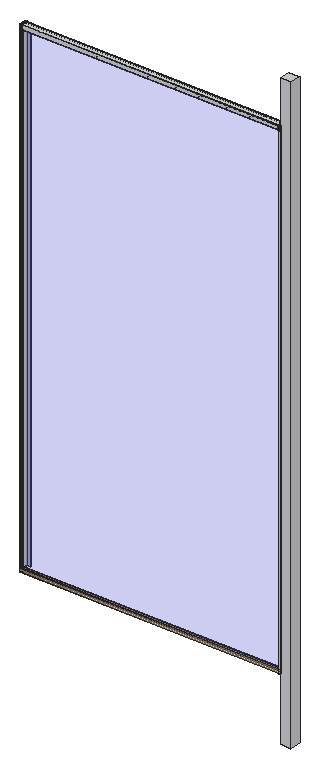
Revit family "Fence detail", category Generic Models, Revit 2026
Family settings
  Can host rebar = No
  Round Connector Dimension = Use Diameter
  Part Type = Normal
  Work Plane-Based = No
  Always vertical = Yes
  Cut with Voids When Loaded = No
  Maintain Annotation Orientation = No
  Shared = No
  Room Calculation Point = No
Parameters
  Default Elevation = 0 mm
Reference planes
  plane 1 "Center (Front/Back)": y = 0
  plane 2: z = 0
  plane 3 "Center (Left/Right)": x = 0
  plane 4: z = 300
  plane 5: z = 2684
  plane 6: x = 632
  plane 7: x = -632
Forms (mm)
  Extrusion 1, solid, material "Analytical Panels"
    sketch origin (0, -31.575, 2984.038) x (0, -1, 0) y (0, 0, -1)
      loop
        line (-2.218, 2684) -> (-31.606, 2684)
        arc (-31.606, 2684) -> (-32.895, 2683.466) -> (-33.43, 2682.176) r 1.824
        line (-33.43, 2682.176) -> (-33.43, 2677.15) -> (-31.638, 2672.482) -> (-30.429, 2672.482) -> (-30.429, 2673.958) -> (-31.261, 2674.79) -> (-31.883, 2675.867) -> (-31.883, 2679.357) -> (-30.89, 2679.357) -> (-30.89, 2678.378) -> (-30.061, 2678.378) -> (-30.061, 2681.483)
        arc (-30.061, 2681.483) -> (-29.865, 2681.955) -> (-29.394, 2682.15) r 0.667
        line (-29.394, 2682.15) -> (-25.748, 2682.15)
        arc (-25.748, 2682.15) -> (-24.493, 2681.63) -> (-23.974, 2680.376) r 1.774
        line (-23.974, 2680.376) -> (-23.974, 2670.805)
        arc (-23.974, 2670.805) -> (-23.586, 2669.868) -> (-22.649, 2669.48) r 1.325
        line (-22.649, 2669.48) -> (-3.269, 2669.48)
        arc (-3.269, 2669.48) -> (-2.429, 2669.131) -> (-2.08, 2668.29) r 1.189
        line (-2.08, 2668.29) -> (-2.08, 2661.561)
        arc (-2.08, 2661.561) -> (-1.055, 2660.536) -> (-0.031, 2661.561) r 1.025
        line (-0.031, 2661.561) -> (-0.031, 2681.813)
        arc (-0.031, 2681.813) -> (-0.671, 2683.359) -> (-2.218, 2684) r 2.187
      loop
        line (-3.626, 2682.849) -> (-21.266, 2682.849)
        arc (-21.266, 2682.849) -> (-22.357, 2682.397) -> (-22.809, 2681.306) r 1.543
        line (-22.809, 2681.306) -> (-22.809, 2672.418)
        arc (-22.809, 2672.418) -> (-22.303, 2671.197) -> (-21.082, 2670.691) r 1.727
        line (-21.082, 2670.691) -> (-3.579, 2670.691)
        arc (-3.579, 2670.691) -> (-2.519, 2671.13) -> (-2.08, 2672.19) r 1.499
        line (-2.08, 2672.19) -> (-2.08, 2681.303)
        arc (-2.08, 2681.303) -> (-2.533, 2682.396) -> (-3.626, 2682.849) r 1.545
    from -632 to 632
  Extrusion 2, solid
    sketch origin (500, -31.575, 0) x (0, -1, 0) y (0, 0, 1)
      loop
        line (-2.218, 2684) -> (-31.606, 2684)
        arc (-31.606, 2684) -> (-32.895, 2683.466) -> (-33.43, 2682.176) r 1.824
        line (-33.43, 2682.176) -> (-33.43, 2677.15) -> (-31.638, 2672.482) -> (-30.429, 2672.482) -> (-30.429, 2673.958) -> (-31.261, 2674.79) -> (-31.883, 2675.867) -> (-31.883, 2679.357) -> (-30.89, 2679.357) -> (-30.89, 2678.378) -> (-30.061, 2678.378) -> (-30.061, 2681.483)
        arc (-30.061, 2681.483) -> (-29.865, 2681.955) -> (-29.394, 2682.15) r 0.667
        line (-29.394, 2682.15) -> (-25.748, 2682.15)
        arc (-25.748, 2682.15) -> (-24.493, 2681.63) -> (-23.974, 2680.376) r 1.774
        line (-23.974, 2680.376) -> (-23.974, 2670.805)
        arc (-23.974, 2670.805) -> (-23.586, 2669.868) -> (-22.649, 2669.48) r 1.325
        line (-22.649, 2669.48) -> (-3.269, 2669.48)
        arc (-3.269, 2669.48) -> (-2.429, 2669.131) -> (-2.08, 2668.29) r 1.189
        line (-2.08, 2668.29) -> (-2.08, 2661.561)
        arc (-2.08, 2661.561) -> (-1.055, 2660.536) -> (-0.031, 2661.561) r 1.025
        line (-0.031, 2661.561) -> (-0.031, 2681.813)
        arc (-0.031, 2681.813) -> (-0.671, 2683.359) -> (-2.218, 2684) r 2.187
      loop
        line (-3.626, 2682.849) -> (-21.266, 2682.849)
        arc (-21.266, 2682.849) -> (-22.357, 2682.397) -> (-22.809, 2681.306) r 1.543
        line (-22.809, 2681.306) -> (-22.809, 2672.418)
        arc (-22.809, 2672.418) -> (-22.303, 2671.197) -> (-21.082, 2670.691) r 1.727
        line (-21.082, 2670.691) -> (-3.579, 2670.691)
        arc (-3.579, 2670.691) -> (-2.519, 2671.13) -> (-2.08, 2672.19) r 1.499
        line (-2.08, 2672.19) -> (-2.08, 2681.303)
        arc (-2.08, 2681.303) -> (-2.533, 2682.396) -> (-3.626, 2682.849) r 1.545
    from -132 to 1132
  Extrusion 3, solid, material "Glass"
    sketch origin (0, 0, 0) x (0, 1, 0) y (0, 0, 1)
      loop
        line (-1.514, 2681.483) -> (-7.607, 2681.483) -> (-7.607, 301.483) -> (-1.514, 301.483) -> (-1.514, 2681.483)
    from -632 to 632
  Extrusion 4, solid
    sketch origin (0, -29.689, 0) x (1, 0, 0) y (0, 1, 0)
      loop
        line (-632, -1.855) -> (-624.867, -1.855) -> (-620.822, -0.308) -> (-620.822, 1.146) -> (-621.834, 1.146) -> (-622.667, 0.314) -> (-624.292, -0.308) -> (-626.824, -0.308) -> (-626.824, 0.685) -> (-630.52, 0.685) -> (-630.52, 7.607) -> (-621.558, 7.607) -> (-621.558, 29.382) -> (-604.239, 29.382) -> (-604.239, 31.544) -> (-632, 31.544) -> (-632, -1.855)
      loop
        line (-630.931, 8.522) -> (-623.076, 8.522) -> (-623.076, 29.382) -> (-630.931, 29.382) -> (-630.931, 8.522)
    from 323.56 to 2684
  Extrusion 5, solid
    sketch origin (0, -29.689, 0) x (-1, 0, 0) y (0, -1, 0)
      loop
        line (-632, 1.855) -> (-632, -31.544) -> (-604.239, -31.544) -> (-604.239, -29.382) -> (-621.558, -29.382) -> (-621.558, -7.607) -> (-630.52, -7.607) -> (-630.52, -0.685) -> (-626.824, -0.685) -> (-626.824, 0.308) -> (-624.292, 0.308) -> (-622.667, -0.314) -> (-621.834, -1.146) -> (-620.822, -1.146) -> (-620.822, 0.308) -> (-624.867, 1.855) -> (-632, 1.855)
      loop
        line (-630.931, -8.522) -> (-630.931, -29.382) -> (-623.076, -29.382) -> (-623.076, -8.522) -> (-630.931, -8.522)
    from 306.888 to 2684
  Extrusion 6, solid
    sketch origin (0, 0, 0) x (1, 0, 0) y (0, 1, 0)
      loop
        line (632, -31.544) -> (683, -31.544) -> (683, 19.456) -> (632, 19.456) -> (632, -31.544)
    from 0 to 2894.044
  Extrusion 7, solid, material "Glass"
    sketch origin (1.152, -6.25, 0) x (1, 0, 0) y (0, 1, 0)
      loop
        line (630.848, 8.105) -> (630.848, 28.105) -> (629.827, 28.105) -> (629.827, 9.105) -> (610.848, 9.105) -> (610.848, 8.105) -> (630.848, 8.105)
    from 230.121 to 250
Dimensions and locks
  plane 6 to plane 3 "Center (Left/Right)" = 632 mm
  plane 4 to level = 300 mm
  plane 5 to plane 4 = 2384 mm
  aligned and locked: plane 2 to level
  aligned and locked: Extrusion 3 to plane 6
  aligned and locked: Extrusion 3 to plane 7
  aligned and locked: Extrusion 1 to plane 6
  aligned and locked: plane 7 to Extrusion 1
